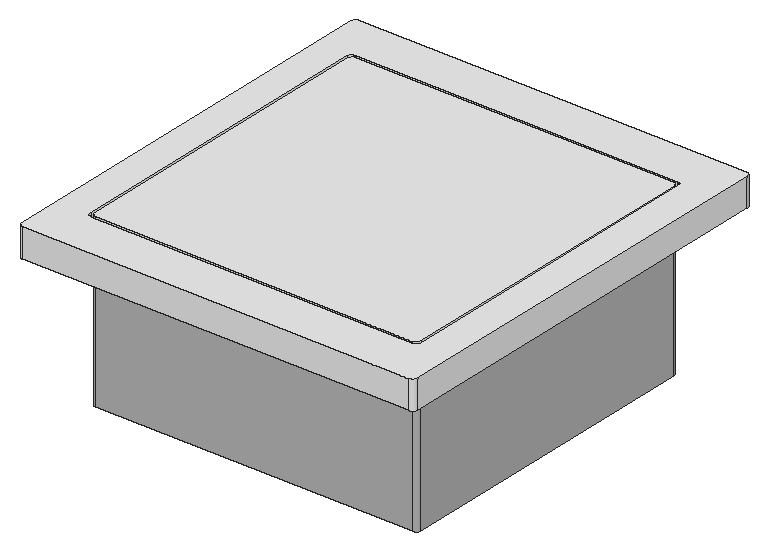
Revit family "Schneider_D-Life_1-elemento", category Electrical Fixtures, host Face, Revit 2015
Parameters (values of type "Estándar")
  Versión = "L2.00"  # constant formula
  Vacío.Espesor = 30 mm
  Tecla.Perpendicular [instance] = no
  Símbolo.dy [instance] = 40 mm
  Símbolo.dx [instance] = 0 mm
  Símbolo.Simetría [instance] = no
  Símbolo.Giro [instance] = 0.00°
  Revisado por = "000"  # constant formula
  Modificado por = "000"  # constant formula
  Modelado por = "034"  # constant formula
  Marco.Tipo = Schneider_D-Life_Marco_1-elemento : Ártico
  Elemento1.Tipo = Schneider_D-Life_Mecanismo-Tecla_Accesorios-Zumbador : Timbre-Ártico
  Desfase.Z.Positivo [instance] = if(Desfase > 0 mm, Desfase, 0 mm)  # 0 mm
  Desfase.Z.Negativo [instance] = if(Desfase < 0 mm, -1 * Desfase, 0 mm)  # 0 mm
  Desfase [instance] = 0 mm
  Default Elevation = 1000 mm
  Autor.URL = "www.a3d.es"
  Autor = "A3D Consulting"  # constant formula
Reference planes
  plane 1 "Centro (Frontal/Posterior)": y = 0
  plane 2: z = 0
  plane 3 "Centro (Izquierda/Derecha)": x = 0
  plane 4 "Geometría.Z.Positivo": z = 0
  plane 5 "Geometría.Z.Negativo": z = 0
Forms (mm)
  Sweep 1, void
    path origin (0, 0, 0) x (1, 0, 0) y (0, 0, 1)
      loop
        line (0, -30) -> (0, 0)
    profile origin (0, 0, -15) x (-1, 0, 0) y (0, -1, 0)
      loop
        line (-34.15, -35) -> (34.15, -35)
        arc (34.15, -35) -> (34.857, -34.707) -> (35.15, -34) r 1
        line (35.15, -34) -> (35.15, 34)
        arc (35.15, 34) -> (34.857, 34.707) -> (34.15, 35) r 1
        line (34.15, 35) -> (-34.15, 35)
        arc (-34.15, 35) -> (-34.857, 34.707) -> (-35.15, 34) r 1
        line (-35.15, 34) -> (-35.15, -34)
        arc (-35.15, -34) -> (-34.857, -34.707) -> (-34.15, -35) r 1
Text (mm)
  text "A3D CONSULTING INTEGRATED BIM SOLUTIONS, S.L.\n\nCONTRATO DE LICENCIA DE USUARIO FINAL\n\n\n\n\n\nAVISO A LOS USUARIOS: LEA ATENTAMENTE EL SIGUIENTE CONTRATO ANTES DE CONTINUAR. EL USO DEL CONTENIDO BIM EN FORMATO REVIT QUE SE ACOMPAÑA DEL PRESENTE ACUERDO (\"CONTENIDO BIM A3D CONSULTING\") CONSTITUYE SU ACEPTACIÓN DE ESTOS TÉRMINOS. SI USTED NO ESTÁ DE ACUERDO CON LAS CONDICIONES DE ESTE ACUERDO NO ABRA, ACCEDA DIRECTA O INDIRECTAMENTE, MODIFIQUE,  COPIE NI USE EL CONTENIDO BIM A3D CONSULTING, NI TOTAL NI PARCIALMENTE. EL USO DEL CONTENIDO BIM A3D CONSULTING POR PARTE DEL USUARIO ESTÁ CONDICIONADO AL CUMPLIMIENTO POR EL MISMO DE LOS TÉRMINOS DE ESTE ACUERDO.\n\n\n\n1.\tDEFINICIONES\n\nEste contrato de licencia de usuario final para el Contenido BIM A3D Consulting (“CLUF”) constituye un acuerdo legal entre usted como usuario final (ya sea persona física o entidad legalmente reconocida) (el \"Titular de la licencia\") y A3D CONSULTING INTEGRATED BIM SOLUTIONS, S.L. para el Contenido BIM A3D Consulting que acompaña a este CLUF. El Contenido BIM A3D CONSULTING consiste en uno o varios archivos en formato Autodesk Revit, pudiendo incluir elementos y medios asociados, así como la documentación \"en línea\" o electrónica (\"Contenido BIM A3D Consulting \").\n\n\n\n2.\tCONCESIÓN DE LA LICENCIA\n\nA3D CONSULTING INTEGRATED BIM SOLUTIONS, S.L. le concede una licencia para utilizar y modificar el contenido BIM incluido en una copia de Contenido BIM A3D Consulting.  El \"Titular de la licencia \" designa a la empresa, entidad o persona física, cuyos fondos son utilizados para pagar la cuota de licencia. \"Uso\" designa la copia, el almacenaje, la carga, la instalación o la muestra del Contenido BIM A3D Consulting. En virtud del presente, el Titular de la licencia no puede alquilar, arrendar, ceder, prestar, vender ni sublicenciar el Contenido BIM A3D Consulting a otra persona física, empresa o entidad.\n\n\n\n3.\tPROPIEDAD\n\nA3D CONSULTING INTEGRATED BIM SOLUTIONS, S.L. es el propietario y el titular del copyright del Contenido BIM A3D Consulting. La licencia adquirida no confiere al Titular de la licencia ningún título o propiedad sobre el contenido y no debe interpretarse como una venta de ningún derecho.\n\n\n\n4.\tCOPYRIGHT\n\nEl Contenido BIM A3D Consulting está protegido por las leyes españolas del copyright, las disposiciones de los tratados internacionales y otras leyes aplicables. En virtud del presente, el Titular de la licencia reconoce que no se le transfiere ningún título de la propiedad intelectual de A3D CONSULTING INTEGRATED BIM SOLUTIONS, S.L.. Además, el Titular de la licencia reconoce que el título y todos los derechos de autor sobre el Contenido BIM A3D Consulting seguirán siendo propiedad exclusiva de A3D CONSULTING INTEGRATED BIM SOLUTIONS, S.L. y no adquirirá ningún derecho sobre el Contenido BIM A3D Consulting, a excepción de lo expresamente establecido en esta licencia.\n\n\n\n5.\tRESPONSABILIDAD\n\nEn virtud del presente, el Titular de la licencia acepta que defenderá, indemnizará y eximirá a A3D CONSULTING INTEGRATED BIM SOLUTIONS, S.L. de cualesquiera reclamaciones o responsabilidades derivadas del uso, uso indebido, distribución o ejecución del Contenido BIM A3D Consulting de A3D CONSULTING INTEGRATED BIM SOLUTIONS, S.L., incluyendo las reclamaciones presentadas en contra del Titular de la licencia por el uso de dicho  contenido. Asimismo, el Titular de la licencia acepta eximir de toda responsabilidad y proteger a A3D CONSULTING INTEGRATED BIM SOLUTIONS, S.L. frente a cualquier tipo de demandas civiles, legales o penales. Las cantidades derivadas de dichos procesos, incluyendo resoluciones y costas judiciales, correrán a cargo del Titular de la licencia.\n\n\n\n6.\tGARANTÍA\n\nDurante un periodo de 30 días, a contar a partir de la fecha de entrega del producto, A3D CONSULTING INTEGRATED BIM SOLUTIONS, S.L. garantiza que dicho producto está libre de defectos en los materiales y la mano de obra. En caso de incumplimiento de esta garantía, el Titular de la licencia recibirá como  única compensación el reemplazo del producto. El Contenido BIM A3D Consulting y cualquier documentación relacionada se proporcionan \"tal cual\", sin garantía de ningún tipo, ya sea expresa o implícita, incluyendo, a título enunciativo pero no limitativo, las garantías implícitas o comerciabilidad, la idoneidad para un propósito particular o la inexistencia de infracción. Cualquier riesgo derivado del uso o los resultados del Contenido BIM A3D Consulting correrá a cargo del licenciatario.\n\n\n\n7.\tLEGISLACIÓN APLICABLE\n\nTodos los aspectos del presente Contrato se regirán e interpretarán de conformidad con la legislación vigente en España.\n\n\n\n8.\tENMIENDAS\n\nA3D CONSULTING INTEGRATED BIM SOLUTIONS, S.L. se reserva el derecho de modificar este acuerdo en cualquier momento.\n\n\n\n9.\tAPLICABILIDAD\n\nEn caso de que alguna de las disposiciones de este acuerdo fuera nula o inaplicable, las partes acuerdan que dicha invalidez no afectará a la validez de las disposiciones restantes de este acuerdo.\n\n\n\n- FIN DEL CONTRATO DE LICENCIA DE USUARIO FINAL -\n\nBarcelona / España, 15.02.2015\n\nA3D CONSULTING INTEGRATED BIM SOLUTIONS, S.L." at (-2386.934, 1015.184, 0), in view "CLUF"
Dimensions and locks
  "Desfase.Z.Negativo": level to plane 5 "Geometría.Z.Negativo"
  "Desfase.Z.Positivo": plane 4 "Geometría.Z.Positivo" to plane 5 "Geometría.Z.Negativo"
  "Vacío.Espesor": plane 5 "Geometría.Z.Negativo" to Sweep 1 sketch curve
  aligned and locked: plane 2 to host face
  aligned and locked: level to host face
  aligned and locked: plane 5 "Geometría.Z.Negativo" to Sweep 1 sketch curve
  aligned and locked: plane 3 "Centro (Izquierda/Derecha)" to Sweep 1 sketch curve
  aligned and locked: plane 1 "Centro (Frontal/Posterior)" to nested 1
  aligned and locked: plane 3 "Centro (Izquierda/Derecha)" to nested 1
Automatic sketch dimensions
  host sketch curve to host sketch curve = 2009.567 mm
  host sketch curve to host sketch curve = 2000 mm
Nested families
  nested 1: "Schneider_D-Life_Marco_1-elemento" at (0, 0, 0), type <- "Marco.Tipo", type "Ártico"
    with Schneider.D-Life.Cost 2.07
  nested 2: "Schneider_D-Life_Mecanismo-Tecla_Accesorios-Zumbador" at (0, 0, 0), type <- "Elemento1.Tipo", Símbolo.dx <- "Símbolo.dx", Símbolo.dy <- "Símbolo.dy", Símbolo2.dx <- "Símbolo.dx", Símbolo.Simetría <- "Símbolo.Simetría", Tecla.Perpendicular <- "Tecla.Perpendicular", type "Timbre-Ártico"
    with Tecla.Perpendicular no, Símbolo2.dx 0 mm, Símbolo.dy 40 mm, Símbolo.dx 0 mm, Símbolo.Simetría no
  nested 3: "Schneider_D-Life_Mecanismo_Accesorios_Timbre-electrónico" at (0, 0, 0), type "Timbre electrónico 5 melodías"
    with Símbolo2.dx 0 mm, Símbolo.dy.Control -40 mm, Símbolo.dy 40 mm, Símbolo.dx 0 mm, Símbolo.Simetría no, Símbolo.Control yes, Schneider.D-Life.Cost 60.08, Espesor 30 mm
  nested 4: "Schneider_D-Life_Tecla_Tapa_Tapa-ciega-zumbador" at (0, 0, 1), type "Ártico"
    with Schneider.D-Life.Cost 6.3
Definition of nested family "Schneider_D-Life_Marco_1-elemento"
  Parameters (values of type "Estándar")
    Tecla.Longitud.Control = Tecla.Longitud * 0.8 + Espesor * 0  # 56.24 mm
    Tecla.Anchura.Control = Tecla.Anchura * 0.8 + Espesor * 0  # 56 mm
    Soporte.Espesor = 1 mm
    Schneider.D-Life.Ud.Vta = ""
    Schneider.D-Life.Reference = ""
    Schneider.D-Life.Emb = ""
    Schneider.D-Life.Cost = 0
    Revisado por = "000"  # constant formula
    Modificado por = "000"  # constant formula
    Modelado por = "034"  # constant formula
    Marco.Longitud.Control = (Marco.Longitud - Tecla.Longitud) / 2  # 6.85 mm
    Marco.Longitud = 84 mm
    Marco.Anchura.Control = (Marco.Anchura - Tecla.Anchura) / 2  # 9.7 mm
    Marco.Anchura = 89.4 mm
    Juntas.Desfase = 0.5 mm
    Default Elevation = 1219.2 mm
    Cuerpo.Redondeo = 1 mm
    Tecla.Anchura = 70 mm
    Espesor = 5 mm
    Versión = "L2.00"  # constant formula
    Material = none
    Tecla.Longitud = 70.3 mm
    Autor.URL = "www.a3d.es"
    Autor = "A3D Consulting"  # constant formula
    Anclaje.Recrecido = 1.5 mm
  Reference planes
    plane 1 "Centro (Frontal/Posterior)": y = 0
    plane 2: z = 0
    plane 3 "Centro (Izquierda/Derecha)": x = 0
    plane 4 "Izquierda": x = -35.15
    plane 5 "Derecha": x = 35.15
    plane 6 "Posterior": y = 35
    plane 7 "Frontal": y = -35
    plane 8 "Tapa.Superior": z = 6
    plane 9 "Soporte.Cota": z = 1
  Forms (mm)
    Sweep 1, solid, material <- "Material"
      path origin (0, 0, 0) x (1, 0, 0) y (0, 0, 1)
        loop
          line (0, 6) -> (0, 0)
      profile origin (0, 0, 3) x (0, -1, 0) y (1, 0, 0)
        loop
          arc (-44.7, -41) -> (-44.407, -41.707) -> (-43.7, -42) r 1
          line (-43.7, -42) -> (43.7, -42)
          arc (43.7, -42) -> (44.407, -41.707) -> (44.7, -41) r 1
          line (44.7, -41) -> (44.7, 41)
          arc (44.7, 41) -> (44.407, 41.707) -> (43.7, 42) r 1
          line (43.7, 42) -> (-43.7, 42)
          arc (-43.7, 42) -> (-44.407, 41.707) -> (-44.7, 41) r 1
          line (-44.7, 41) -> (-44.7, -41)
        loop
          arc (-35, -34.15) -> (-34.707, -34.857) -> (-34, -35.15) r 1
          line (-34, -35.15) -> (34, -35.15)
          arc (34, -35.15) -> (34.707, -34.857) -> (35, -34.15) r 1
          line (35, -34.15) -> (35, 34.15)
          arc (35, 34.15) -> (34.707, 34.857) -> (34, 35.15) r 1
          line (34, 35.15) -> (-34, 35.15)
          arc (-34, 35.15) -> (-34.707, 34.857) -> (-35, 34.15) r 1
          line (-35, 34.15) -> (-35, -34.15)
    Sweep 2, solid, material <- "Material"
      path origin (0, 0, 0) x (1, 0, 0) y (0, 0, 1)
        loop
          line (0, 1) -> (0, 0)
      profile origin (0, 0, 0.5) x (0, -1, 0) y (1, 0, 0)
        loop
          arc (-35, -34.15) -> (-34.707, -34.857) -> (-34, -35.15) r 1
          line (-34, -35.15) -> (34, -35.15)
          arc (34, -35.15) -> (34.707, -34.857) -> (35, -34.15) r 1
          line (35, -34.15) -> (35, 34.15)
          arc (35, 34.15) -> (34.707, 34.857) -> (34, 35.15) r 1
          line (34, 35.15) -> (-34, 35.15)
          arc (-34, 35.15) -> (-34.707, 34.857) -> (-35, 34.15) r 1
          line (-35, 34.15) -> (-35, -34.15)
        loop
          line (-26.5, -15.972) -> (-26.5, -26.62) -> (-15.9, -26.62) -> (-15.9, -25.12) -> (-5.3, -25.12) -> (-5.3, -28.12) -> (5.3, -28.12) -> (5.3, -25.12) -> (15.9, -25.12) -> (15.9, -26.62) -> (26.5, -26.62) -> (26.5, -15.972) -> (25, -15.972) -> (25, -5.324) -> (28, -5.324) -> (28, 5.324) -> (25, 5.324) -> (25, 15.972) -> (26.5, 15.972) -> (26.5, 26.62) -> (15.9, 26.62) -> (15.9, 25.12) -> (5.3, 25.12) -> (5.3, 28.12) -> (-5.3, 28.12) -> (-5.3, 25.12) -> (-15.9, 25.12) -> (-15.9, 26.62) -> (-26.5, 26.62) -> (-26.5, 15.972) -> (-25, 15.972) -> (-25, 5.324) -> (-28, 5.324) -> (-28, -5.324) -> (-25, -5.324) -> (-25, -15.972) -> (-26.5, -15.972)
  Text (mm)
    text "A3D CONSULTING INTEGRATED BIM SOLUTIONS, S.L.\n\nCONTRATO DE LICENCIA DE USUARIO FINAL\n\n\n\n\n\nAVISO A LOS USUARIOS: LEA ATENTAMENTE EL SIGUIENTE CONTRATO ANTES DE CONTINUAR. EL USO DEL CONTENIDO BIM EN FORMATO REVIT QUE SE ACOMPAÑA DEL PRESENTE ACUERDO (\"CONTENIDO BIM A3D CONSULTING\") CONSTITUYE SU ACEPTACIÓN DE ESTOS TÉRMINOS. SI USTED NO ESTÁ DE ACUERDO CON LAS CONDICIONES DE ESTE ACUERDO NO ABRA, ACCEDA DIRECTA O INDIRECTAMENTE, MODIFIQUE,  COPIE NI USE EL CONTENIDO BIM A3D CONSULTING, NI TOTAL NI PARCIALMENTE. EL USO DEL CONTENIDO BIM A3D CONSULTING POR PARTE DEL USUARIO ESTÁ CONDICIONADO AL CUMPLIMIENTO POR EL MISMO DE LOS TÉRMINOS DE ESTE ACUERDO.\n\n\n\n1.\tDEFINICIONES\n\nEste contrato de licencia de usuario final para el Contenido BIM A3D Consulting (“CLUF”) constituye un acuerdo legal entre usted como usuario final (ya sea persona física o entidad legalmente reconocida) (el \"Titular de la licencia\") y A3D CONSULTING INTEGRATED BIM SOLUTIONS, S.L. para el Contenido BIM A3D Consulting que acompaña a este CLUF. El Contenido BIM A3D CONSULTING consiste en uno o varios archivos en formato Autodesk Revit, pudiendo incluir elementos y medios asociados, así como la documentación \"en línea\" o electrónica (\"Contenido BIM A3D Consulting \").\n\n\n\n2.\tCONCESIÓN DE LA LICENCIA\n\nA3D CONSULTING INTEGRATED BIM SOLUTIONS, S.L. le concede una licencia para utilizar y modificar el contenido BIM incluido en una copia de Contenido BIM A3D Consulting.  El \"Titular de la licencia \" designa a la empresa, entidad o persona física, cuyos fondos son utilizados para pagar la cuota de licencia. \"Uso\" designa la copia, el almacenaje, la carga, la instalación o la muestra del Contenido BIM A3D Consulting. En virtud del presente, el Titular de la licencia no puede alquilar, arrendar, ceder, prestar, vender ni sublicenciar el Contenido BIM A3D Consulting a otra persona física, empresa o entidad.\n\n\n\n3.\tPROPIEDAD\n\nA3D CONSULTING INTEGRATED BIM SOLUTIONS, S.L. es el propietario y el titular del copyright del Contenido BIM A3D Consulting. La licencia adquirida no confiere al Titular de la licencia ningún título o propiedad sobre el contenido y no debe interpretarse como una venta de ningún derecho.\n\n\n\n4.\tCOPYRIGHT\n\nEl Contenido BIM A3D Consulting está protegido por las leyes españolas del copyright, las disposiciones de los tratados internacionales y otras leyes aplicables. En virtud del presente, el Titular de la licencia reconoce que no se le transfiere ningún título de la propiedad intelectual de A3D CONSULTING INTEGRATED BIM SOLUTIONS, S.L.. Además, el Titular de la licencia reconoce que el título y todos los derechos de autor sobre el Contenido BIM A3D Consulting seguirán siendo propiedad exclusiva de A3D CONSULTING INTEGRATED BIM SOLUTIONS, S.L. y no adquirirá ningún derecho sobre el Contenido BIM A3D Consulting, a excepción de lo expresamente establecido en esta licencia.\n\n\n\n5.\tRESPONSABILIDAD\n\nEn virtud del presente, el Titular de la licencia acepta que defenderá, indemnizará y eximirá a A3D CONSULTING INTEGRATED BIM SOLUTIONS, S.L. de cualesquiera reclamaciones o responsabilidades derivadas del uso, uso indebido, distribución o ejecución del Contenido BIM A3D Consulting de A3D CONSULTING INTEGRATED BIM SOLUTIONS, S.L., incluyendo las reclamaciones presentadas en contra del Titular de la licencia por el uso de dicho  contenido. Asimismo, el Titular de la licencia acepta eximir de toda responsabilidad y proteger a A3D CONSULTING INTEGRATED BIM SOLUTIONS, S.L. frente a cualquier tipo de demandas civiles, legales o penales. Las cantidades derivadas de dichos procesos, incluyendo resoluciones y costas judiciales, correrán a cargo del Titular de la licencia.\n\n\n\n6.\tGARANTÍA\n\nDurante un periodo de 30 días, a contar a partir de la fecha de entrega del producto, A3D CONSULTING INTEGRATED BIM SOLUTIONS, S.L. garantiza que dicho producto está libre de defectos en los materiales y la mano de obra. En caso de incumplimiento de esta garantía, el Titular de la licencia recibirá como  única compensación el reemplazo del producto. El Contenido BIM A3D Consulting y cualquier documentación relacionada se proporcionan \"tal cual\", sin garantía de ningún tipo, ya sea expresa o implícita, incluyendo, a título enunciativo pero no limitativo, las garantías implícitas o comerciabilidad, la idoneidad para un propósito particular o la inexistencia de infracción. Cualquier riesgo derivado del uso o los resultados del Contenido BIM A3D Consulting correrá a cargo del licenciatario.\n\n\n\n7.\tLEGISLACIÓN APLICABLE\n\nTodos los aspectos del presente Contrato se regirán e interpretarán de conformidad con la legislación vigente en España.\n\n\n\n8.\tENMIENDAS\n\nA3D CONSULTING INTEGRATED BIM SOLUTIONS, S.L. se reserva el derecho de modificar este acuerdo en cualquier momento.\n\n\n\n9.\tAPLICABILIDAD\n\nEn caso de que alguna de las disposiciones de este acuerdo fuera nula o inaplicable, las partes acuerdan que dicha invalidez no afectará a la validez de las disposiciones restantes de este acuerdo.\n\n\n\n- FIN DEL CONTRATO DE LICENCIA DE USUARIO FINAL -\n\nBarcelona / España, 15.02.2015\n\nA3D CONSULTING INTEGRATED BIM SOLUTIONS, S.L." at (2.016, -2, 0), in view "CLUF"
  Dimensions and locks
    equal spacing: plane 4 "Izquierda", plane 3 "Centro (Izquierda/Derecha)", plane 5 "Derecha"
    "Tecla.Longitud": plane 4 "Izquierda" to plane 5 "Derecha"
    equal spacing: plane 7 "Frontal", plane 1 "Centro (Frontal/Posterior)", plane 6 "Posterior"
    "Tecla.Anchura": plane 7 "Frontal" to plane 6 "Posterior"
    "Marco.Anchura.Control": Sweep 1 sketch curve to plane 6 "Posterior"
    "Marco.Anchura.Control": Sweep 1 sketch curve to plane 7 "Frontal"
    "Marco.Longitud.Control": Sweep 1 sketch curve to plane 4 "Izquierda"
    "Marco.Longitud.Control": plane 5 "Derecha" to Sweep 1 sketch curve
    "Soporte.Espesor": plane 9 "Soporte.Cota" to plane 2
    "Espesor": plane 8 "Tapa.Superior" to plane 9 "Soporte.Cota"
    "Anclaje.Recrecido": Sweep 2 sketch curve to Sweep 2 sketch curve  (x8)
    equal spacing: Sweep 2 sketch curve, plane 1 "Centro (Frontal/Posterior)", Sweep 2 sketch curve
    equal spacing: Sweep 2 sketch curve, plane 3 "Centro (Izquierda/Derecha)", Sweep 2 sketch curve
    equal spacing: Sweep 2 sketch curve, Sweep 2 sketch curve, Sweep 2 sketch curve, Sweep 2 sketch curve, Sweep 2 sketch curve, Sweep 2 sketch curve  (x2)
    "Tecla.Anchura.Control": Sweep 2 sketch curve to Sweep 2 sketch curve
    "Tecla.Longitud.Control": Sweep 2 sketch curve to Sweep 2 sketch curve
    "Cuerpo.Redondeo": radius of Sweep 1 sketch curve  (x8)
    "Cuerpo.Redondeo": radius of Sweep 2 sketch curve  (x4)
    aligned and locked: level to plane 2
    aligned and locked: plane 8 "Tapa.Superior" to Sweep 1 sketch curve
    aligned and locked: plane 2 to Sweep 1 sketch curve
    aligned and locked: Sweep 1 sketch curve to plane 3 "Centro (Izquierda/Derecha)"
    aligned and locked: plane 4 "Izquierda" to Sweep 1 sketch curve
    aligned and locked: Sweep 1 sketch curve to plane 7 "Frontal"
    aligned and locked: plane 5 "Derecha" to Sweep 1 sketch curve
    aligned and locked: Sweep 1 sketch curve to plane 6 "Posterior"
    aligned and locked: plane 2 to Sweep 2 sketch curve
    aligned and locked: plane 9 "Soporte.Cota" to Sweep 2 sketch curve
    aligned and locked: Sweep 2 sketch curve to plane 3 "Centro (Izquierda/Derecha)"
    aligned and locked: Sweep 2 sketch curve to plane 7 "Frontal"
    aligned and locked: plane 4 "Izquierda" to Sweep 2 sketch curve
    aligned and locked: plane 5 "Derecha" to Sweep 2 sketch curve
    aligned and locked: Sweep 2 sketch curve to plane 6 "Posterior"
    aligned and locked: Sweep 2 sketch curve to Sweep 2 sketch curve  (x16)
Definition of nested family "Schneider_D-Life_Mecanismo_Accesorios_Timbre-electrónico"
  Parameters (values of type "Estándar")
    Tapa.Fondo.Espesor = 5 mm
    Símbolo2.dx [instance] = 0 mm
    Símbolo.dy.Control [instance] = -Símbolo.dy - Marco.Espesor * 0  # 0 mm
    Símbolo.dy [instance] = 0 mm
    Símbolo.dx [instance] = 0 mm
    Símbolo.Simetría [instance] = yes
    Símbolo.Control [instance] = not(Símbolo.Simetría)  # no
    Schneider.D-Life.Reference = ""
    Schneider.D-Life.Cost = 0
    Revisado por = "000"  # constant formula
    Marco.Espesor = 5 mm
    Agujero.Longitud = Longitud - Marco.Espesor * 2  # 60.3 mm
    Agujero.Anchura = Anchura - Marco.Espesor * 2  # 60 mm
    Modificado por = "000"  # constant formula
    Modelado por = "034"  # constant formula
    Juntas.Desfase = 0.5 mm
    Default Elevation = 1219.2 mm
    Cuerpo.Redondeo = 1 mm
    Anchura = 70 mm
    Espesor = 20 mm
    Versión = "L2.00"  # constant formula
    Material = none
    Longitud = 70.3 mm
    Autor.URL = "www.a3d.es"
    Autor = "A3D Consulting"  # constant formula
  Reference planes
    plane 1 "Centro (Frontal/Posterior)": y = 0
    plane 2: z = 0
    plane 3 "Centro (Izquierda/Derecha)": x = 0
    plane 4 "Izquierda": x = -35.15
    plane 5 "Derecha": x = 35.15
    plane 6 "Posterior": y = 35
    plane 7 "Frontal": y = -35
    plane 8 "Tecla.Izquierda": x = -34.65
    plane 9 "Tecla.Derecha": x = 34.65
    plane 10 "Tecla.Frontal": y = -34.5
    plane 11 "Tecla.Posterior": y = 34.5
    plane 12 "Mecanismo.Inferior": z = -20
    plane 13 "Tapa.Eje": z = -15
  Forms (mm)
    Sweep 1, void
      path origin (0, 34.5, 0) x (-1, 0, 0) y (0, 0, 1)
        loop
          line (34.65, 0) -> (34.65, -20)
      profile origin (-34.65, 34.5, -10) x (0, 1, 0) y (-1, 0, 0)
        loop
          line (0, 0) -> (-1, 0)
          arc (-1, 0) -> (-0.293, -0.293) -> (0, -1) r 1
          line (0, -1) -> (0, 0)
    Sweep 2, void
      path origin (38.686, 34.5, 0) x (-1, 0, 0) y (0, 0, 1)
        loop
          line (4.036, 0) -> (4.036, -20)
      profile origin (34.65, 34.5, -10) x (0, 1, 0) y (-1, 0, 0)
        loop
          line (0, 0) -> (0, 1)
          arc (0, 1) -> (-0.293, 0.293) -> (-1, 0) r 1
          line (-1, 0) -> (0, 0)
    Sweep 3, void
      path origin (0, -34.5, 0) x (-1, 0, 0) y (0, 0, 1)
        loop
          line (34.65, 0) -> (34.65, -20)
      profile origin (-34.65, -34.5, -10) x (0, 1, 0) y (-1, 0, 0)
        loop
          line (0, 0) -> (0, -1)
          arc (0, -1) -> (0.293, -0.293) -> (1, 0) r 1
          line (1, 0) -> (0, 0)
    Sweep 4, void
      path origin (0, -34.5, 0) x (-1, 0, 0) y (0, 0, 1)
        loop
          line (-34.65, 0) -> (-34.65, -20)
      profile origin (34.65, -34.5, -10) x (0, 1, 0) y (-1, 0, 0)
        loop
          line (0, 0) -> (1, 0)
          arc (1, 0) -> (0.293, 0.293) -> (0, 1) r 1
          line (0, 1) -> (0, 0)
    Sweep 5, solid, material <- "Material"
      path origin (0, 0, 0) x (1, 0, 0) y (0, 0, 1)
        loop
          line (0, -20) -> (0, -15)
      profile origin (0, 0, -17.5) x (-1, 0, 0) y (0, -1, 0)
        loop
          line (-34.65, -34.5) -> (34.65, -34.5) -> (34.65, 34.5) -> (-34.65, 34.5) -> (-34.65, -34.5)
    Sweep 6, solid, material <- "Material"
      path origin (0, 0, 0) x (1, 0, 0) y (0, 0, 1)
        loop
          line (0, 0) -> (0, -15)
      profile origin (0, 0, -7.5) x (0, -1, 0) y (1, 0, 0)
        loop
          line (-34.5, -34.65) -> (34.5, -34.65) -> (34.5, 34.65) -> (-34.5, 34.65) -> (-34.5, -34.65)
        loop
          arc (-30, -29.15) -> (-29.707, -29.857) -> (-29, -30.15) r 1
          line (-29, -30.15) -> (29, -30.15)
          arc (29, -30.15) -> (29.707, -29.857) -> (30, -29.15) r 1
          line (30, -29.15) -> (30, 29.15)
          arc (30, 29.15) -> (29.707, 29.857) -> (29, 30.15) r 1
          line (29, 30.15) -> (-29, 30.15)
          arc (-29, 30.15) -> (-29.707, 29.857) -> (-30, 29.15) r 1
          line (-30, 29.15) -> (-30, -29.15)
  Cuts and joins
    Sweep 1, Sweep 2, Sweep 3, Sweep 4 cuts Sweep 5
    Sweep 1, Sweep 2, Sweep 3, Sweep 4 cuts Sweep 6
    joined: Sweep 5, Sweep 6
  Text (mm)
    text "A3D CONSULTING INTEGRATED BIM SOLUTIONS, S.L.\n\nCONTRATO DE LICENCIA DE USUARIO FINAL\n\n\n\n\n\nAVISO A LOS USUARIOS: LEA ATENTAMENTE EL SIGUIENTE CONTRATO ANTES DE CONTINUAR. EL USO DEL CONTENIDO BIM EN FORMATO REVIT QUE SE ACOMPAÑA DEL PRESENTE ACUERDO (\"CONTENIDO BIM A3D CONSULTING\") CONSTITUYE SU ACEPTACIÓN DE ESTOS TÉRMINOS. SI USTED NO ESTÁ DE ACUERDO CON LAS CONDICIONES DE ESTE ACUERDO NO ABRA, ACCEDA DIRECTA O INDIRECTAMENTE, MODIFIQUE,  COPIE NI USE EL CONTENIDO BIM A3D CONSULTING, NI TOTAL NI PARCIALMENTE. EL USO DEL CONTENIDO BIM A3D CONSULTING POR PARTE DEL USUARIO ESTÁ CONDICIONADO AL CUMPLIMIENTO POR EL MISMO DE LOS TÉRMINOS DE ESTE ACUERDO.\n\n\n\n1.\tDEFINICIONES\n\nEste contrato de licencia de usuario final para el Contenido BIM A3D Consulting (“CLUF”) constituye un acuerdo legal entre usted como usuario final (ya sea persona física o entidad legalmente reconocida) (el \"Titular de la licencia\") y A3D CONSULTING INTEGRATED BIM SOLUTIONS, S.L. para el Contenido BIM A3D Consulting que acompaña a este CLUF. El Contenido BIM A3D CONSULTING consiste en uno o varios archivos en formato Autodesk Revit, pudiendo incluir elementos y medios asociados, así como la documentación \"en línea\" o electrónica (\"Contenido BIM A3D Consulting \").\n\n\n\n2.\tCONCESIÓN DE LA LICENCIA\n\nA3D CONSULTING INTEGRATED BIM SOLUTIONS, S.L. le concede una licencia para utilizar y modificar el contenido BIM incluido en una copia de Contenido BIM A3D Consulting.  El \"Titular de la licencia \" designa a la empresa, entidad o persona física, cuyos fondos son utilizados para pagar la cuota de licencia. \"Uso\" designa la copia, el almacenaje, la carga, la instalación o la muestra del Contenido BIM A3D Consulting. En virtud del presente, el Titular de la licencia no puede alquilar, arrendar, ceder, prestar, vender ni sublicenciar el Contenido BIM A3D Consulting a otra persona física, empresa o entidad.\n\n\n\n3.\tPROPIEDAD\n\nA3D CONSULTING INTEGRATED BIM SOLUTIONS, S.L. es el propietario y el titular del copyright del Contenido BIM A3D Consulting. La licencia adquirida no confiere al Titular de la licencia ningún título o propiedad sobre el contenido y no debe interpretarse como una venta de ningún derecho.\n\n\n\n4.\tCOPYRIGHT\n\nEl Contenido BIM A3D Consulting está protegido por las leyes españolas del copyright, las disposiciones de los tratados internacionales y otras leyes aplicables. En virtud del presente, el Titular de la licencia reconoce que no se le transfiere ningún título de la propiedad intelectual de A3D CONSULTING INTEGRATED BIM SOLUTIONS, S.L.. Además, el Titular de la licencia reconoce que el título y todos los derechos de autor sobre el Contenido BIM A3D Consulting seguirán siendo propiedad exclusiva de A3D CONSULTING INTEGRATED BIM SOLUTIONS, S.L. y no adquirirá ningún derecho sobre el Contenido BIM A3D Consulting, a excepción de lo expresamente establecido en esta licencia.\n\n\n\n5.\tRESPONSABILIDAD\n\nEn virtud del presente, el Titular de la licencia acepta que defenderá, indemnizará y eximirá a A3D CONSULTING INTEGRATED BIM SOLUTIONS, S.L. de cualesquiera reclamaciones o responsabilidades derivadas del uso, uso indebido, distribución o ejecución del Contenido BIM A3D Consulting de A3D CONSULTING INTEGRATED BIM SOLUTIONS, S.L., incluyendo las reclamaciones presentadas en contra del Titular de la licencia por el uso de dicho  contenido. Asimismo, el Titular de la licencia acepta eximir de toda responsabilidad y proteger a A3D CONSULTING INTEGRATED BIM SOLUTIONS, S.L. frente a cualquier tipo de demandas civiles, legales o penales. Las cantidades derivadas de dichos procesos, incluyendo resoluciones y costas judiciales, correrán a cargo del Titular de la licencia.\n\n\n\n6.\tGARANTÍA\n\nDurante un periodo de 30 días, a contar a partir de la fecha de entrega del producto, A3D CONSULTING INTEGRATED BIM SOLUTIONS, S.L. garantiza que dicho producto está libre de defectos en los materiales y la mano de obra. En caso de incumplimiento de esta garantía, el Titular de la licencia recibirá como  única compensación el reemplazo del producto. El Contenido BIM A3D Consulting y cualquier documentación relacionada se proporcionan \"tal cual\", sin garantía de ningún tipo, ya sea expresa o implícita, incluyendo, a título enunciativo pero no limitativo, las garantías implícitas o comerciabilidad, la idoneidad para un propósito particular o la inexistencia de infracción. Cualquier riesgo derivado del uso o los resultados del Contenido BIM A3D Consulting correrá a cargo del licenciatario.\n\n\n\n7.\tLEGISLACIÓN APLICABLE\n\nTodos los aspectos del presente Contrato se regirán e interpretarán de conformidad con la legislación vigente en España.\n\n\n\n8.\tENMIENDAS\n\nA3D CONSULTING INTEGRATED BIM SOLUTIONS, S.L. se reserva el derecho de modificar este acuerdo en cualquier momento.\n\n\n\n9.\tAPLICABILIDAD\n\nEn caso de que alguna de las disposiciones de este acuerdo fuera nula o inaplicable, las partes acuerdan que dicha invalidez no afectará a la validez de las disposiciones restantes de este acuerdo.\n\n\n\n- FIN DEL CONTRATO DE LICENCIA DE USUARIO FINAL -\n\nBarcelona / España, 15.02.2015\n\nA3D CONSULTING INTEGRATED BIM SOLUTIONS, S.L." at (2.016, -2, 0), in view "CLUF"
  Dimensions and locks
    equal spacing: plane 4 "Izquierda", plane 3 "Centro (Izquierda/Derecha)", plane 5 "Derecha"
    "Longitud": plane 4 "Izquierda" to plane 5 "Derecha"
    equal spacing: plane 7 "Frontal", plane 1 "Centro (Frontal/Posterior)", plane 6 "Posterior"
    "Anchura": plane 7 "Frontal" to plane 6 "Posterior"
    "Juntas.Desfase": plane 7 "Frontal" to plane 10 "Tecla.Frontal"
    "Juntas.Desfase": plane 6 "Posterior" to plane 11 "Tecla.Posterior"
    "Juntas.Desfase": plane 4 "Izquierda" to plane 8 "Tecla.Izquierda"
    "Juntas.Desfase": plane 9 "Tecla.Derecha" to plane 5 "Derecha"
    "Cuerpo.Redondeo": plane 8 "Tecla.Izquierda" to Sweep 1 sketch curve
    "Cuerpo.Redondeo": plane 11 "Tecla.Posterior" to Sweep 1 sketch curve
    "Cuerpo.Redondeo": Sweep 2 sketch curve to plane 9 "Tecla.Derecha"
    "Cuerpo.Redondeo": plane 11 "Tecla.Posterior" to Sweep 2 sketch curve
    "Cuerpo.Redondeo": plane 8 "Tecla.Izquierda" to Sweep 3 sketch curve
    "Cuerpo.Redondeo": Sweep 3 sketch curve to plane 10 "Tecla.Frontal"
    "Cuerpo.Redondeo": Sweep 4 sketch curve to plane 10 "Tecla.Frontal"
    "Cuerpo.Redondeo": Sweep 4 sketch curve to plane 9 "Tecla.Derecha"
    "Espesor": plane 2 to plane 12 "Mecanismo.Inferior"
    "Tapa.Fondo.Espesor": plane 13 "Tapa.Eje" to plane 12 "Mecanismo.Inferior"
    equal spacing: Sweep 6 sketch curve, plane 3 "Centro (Izquierda/Derecha)", Sweep 6 sketch curve
    "Agujero.Longitud": Sweep 6 sketch curve to Sweep 6 sketch curve
    equal spacing: Sweep 6 sketch curve, plane 1 "Centro (Frontal/Posterior)", Sweep 6 sketch curve
    "Agujero.Anchura": Sweep 6 sketch curve to Sweep 6 sketch curve
    "Cuerpo.Redondeo": radius of Sweep 1 sketch curve
    "Cuerpo.Redondeo": radius of Sweep 2 sketch curve
    "Cuerpo.Redondeo": radius of Sweep 3 sketch curve
    "Cuerpo.Redondeo": radius of Sweep 4 sketch curve
    "Cuerpo.Redondeo": radius of Sweep 6 sketch curve  (x4)
    aligned and locked: level to plane 2
    aligned and locked: Sweep 1 sketch curve to plane 8 "Tecla.Izquierda"
    aligned and locked: plane 8 "Tecla.Izquierda" to Sweep 1 sketch curve
    aligned and locked: Sweep 1 sketch curve to plane 11 "Tecla.Posterior"
    aligned and locked: Sweep 2 sketch curve to plane 9 "Tecla.Derecha"
    aligned and locked: plane 11 "Tecla.Posterior" to Sweep 2 sketch curve
    aligned and locked: plane 9 "Tecla.Derecha" to Sweep 2 sketch curve
    aligned and locked: Sweep 3 sketch curve to plane 8 "Tecla.Izquierda"  (x2)
    aligned and locked: Sweep 4 sketch curve to plane 9 "Tecla.Derecha"  (x2)
    aligned and locked: Sweep 3 sketch curve to plane 10 "Tecla.Frontal"
    aligned and locked: plane 10 "Tecla.Frontal" to Sweep 4 sketch curve
    aligned and locked: Sweep 5 sketch curve to plane 3 "Centro (Izquierda/Derecha)"
    aligned and locked: plane 13 "Tapa.Eje" to Sweep 6 sketch curve
    aligned and locked: Sweep 6 sketch curve to plane 3 "Centro (Izquierda/Derecha)"
    aligned and locked: plane 10 "Tecla.Frontal" to Sweep 6 sketch curve
    aligned and locked: Sweep 6 sketch curve to plane 9 "Tecla.Derecha"
    aligned and locked: Sweep 6 sketch curve to plane 11 "Tecla.Posterior"
    aligned and locked: plane 8 "Tecla.Izquierda" to Sweep 6 sketch curve
    aligned and locked: plane 12 "Mecanismo.Inferior" to Sweep 5 sketch curve
    aligned and locked: plane 13 "Tapa.Eje" to Sweep 5 sketch curve
    aligned and locked: plane 2 to Sweep 6 sketch curve
    aligned and locked: plane 12 "Mecanismo.Inferior" to Sweep 3 sketch curve
    aligned and locked: plane 2 to Sweep 3 sketch curve
    aligned and locked: plane 12 "Mecanismo.Inferior" to Sweep 1 sketch curve
    aligned and locked: plane 2 to Sweep 1 sketch curve
    aligned and locked: plane 12 "Mecanismo.Inferior" to Sweep 4 sketch curve
    aligned and locked: plane 2 to Sweep 4 sketch curve
    aligned and locked: plane 12 "Mecanismo.Inferior" to Sweep 2 sketch curve
    aligned and locked: plane 2 to Sweep 2 sketch curve
    aligned and locked: Sweep 5 sketch curve to plane 11 "Tecla.Posterior"
    aligned and locked: plane 8 "Tecla.Izquierda" to Sweep 5 sketch curve
    aligned and locked: Sweep 5 sketch curve to plane 9 "Tecla.Derecha"
    aligned and locked: plane 10 "Tecla.Frontal" to Sweep 5 sketch curve
  Nested families
    nested 1: "Schneider_Símbolo_Timbre" at (0, 0, 0) x (0, 1, 0) z (1, 0, 0), Desfase.X <- "Símbolo2.dx", Desfase.Y <- "Símbolo.dy", visible <- "Símbolo.Control", Visibilidad <- "Símbolo.Control", type "Estándar"
      with Visibilidad no, Desfase.Y.Positivo 0 mm, Desfase.Y.Negativo 0 mm, Desfase.Y 0 mm, Desfase.X.Positivo 0 mm, Desfase.X.Negativo 0 mm, Desfase.X 0 mm
    nested 2: "Schneider_Símbolo_Timbre" at (0, 0, 0) x (1, 0, 0) z (0, -1, 0), Desfase.X <- "Símbolo.dx", Desfase.Y <- "Símbolo.dy", visible <- "Símbolo.Control", Visibilidad <- "Símbolo.Control", type "Estándar"
      with Visibilidad no, Desfase.Y.Positivo 0 mm, Desfase.Y.Negativo 0 mm, Desfase.Y 0 mm, Desfase.X.Positivo 0 mm, Desfase.X.Negativo 0 mm, Desfase.X 0 mm
    nested 3: "Schneider_Símbolo_Timbre" at (0, 0, 100) x (0, 1, 0) z (1, 0, 0), Desfase.X <- "Símbolo2.dx", Desfase.Y <- "Símbolo.dy.Control", visible <- "Símbolo.Simetría", Visibilidad <- "Símbolo.Simetría", type "Estándar"
      with Visibilidad yes, Desfase.Y.Positivo 0 mm, Desfase.Y.Negativo 0 mm, Desfase.Y 0 mm, Desfase.X.Positivo 0 mm, Desfase.X.Negativo 0 mm, Desfase.X 0 mm
    nested 4: "Schneider_Símbolo_Timbre" at (0, 0, 100) x (1, 0, 0) z (0, -1, 0), Desfase.X <- "Símbolo.dx", Desfase.Y <- "Símbolo.dy.Control", Visibilidad <- "Símbolo.Simetría", visible <- "Símbolo.Simetría", type "Estándar"
      with Visibilidad yes, Desfase.Y.Positivo 0 mm, Desfase.Y.Negativo 0 mm, Desfase.Y 0 mm, Desfase.X.Positivo 0 mm, Desfase.X.Negativo 0 mm, Desfase.X 0 mm
  Definition of nested family "Schneider_Símbolo_Timbre"
    Parameters (values of type "Estándar")
      Versión = "L2.00"  # constant formula
      Desfase.Y [instance] = 0 mm
      Desfase.X [instance] = 0 mm
      Visibilidad [instance] = yes
      Revisado por = "000"  # constant formula
      Modificado por = "000"  # constant formula
      Modelado por = "000"  # constant formula
      Desfase.Y.Negativo [instance] = if(Desfase.Y < 0 mm, -1 * Desfase.Y, 0 mm)  # 0 mm
      Desfase.Y.Positivo [instance] = if(Desfase.Y > 0 mm, Desfase.Y, 0 mm)  # 0 mm
      Desfase.X.Negativo [instance] = if(Desfase.X < 0 mm, -1 * Desfase.X, 0 mm)  # 0 mm
      Desfase.X.Positivo [instance] = if(Desfase.X > 0 mm, Desfase.X, 0 mm)  # 0 mm
      Autor.URL = "www.a3d.es"
      Autor = "A3D Consulting"  # constant formula
    Reference planes
      plane 1 "Center (Front/Back)": y = 0
      plane 2: z = 0
      plane 3 "Center (Left/Right)": x = 0
      plane 4 "X.Positivo": x = 0
      plane 5 "X.Negativo": x = 0
      plane 6 "Y.Negativo": y = 0
      plane 7 "Y.Positivo": y = 0
    Lines and regions (mm)
      reference lines, in view "Ref. Level", not visible
        curve 1: line (0, 0, 0) -> (25, 0, 0)
      detail lines, in view "Ref. Level", not visible
        curve 2: circle (290.626, 267.526, 0) r 7.463 normal (0, 0, 1)
        curve 3: line (277.5, 299.89, 0) -> (322.5, 299.89, 0)
        curve 4: line (277.5, 254.89, 0) -> (277.5, 299.89, 0)
        curve 5: line (322.5, 254.89, 0) -> (277.5, 254.89, 0)
        curve 6: line (322.5, 299.89, 0) -> (322.5, 254.89, 0)
        curve 7: line (294.69, 273.786, 0) -> (309.688, 296.88, 0)
        curve 8: line (309.688, 296.88, 0) -> (317.009, 292.126, 0)
      detail lines, in view "Ref. Level", visible <- "Visibilidad"
        curve 9: line (-50, 100, 0) -> (50, 100, 0)
        curve 10: line (-50, 0, 0) -> (-50, 100, 0)
        curve 11: line (50, 0, 0) -> (-50, 0, 0)
        curve 12: line (50, 100, 0) -> (50, 0, 0)
        curve 13: line (-18.352, 30.209, 0) -> (-18.352, 54.195, 0)
        curve 14: line (18.352, 30.209, 0) -> (18.352, 54.195, 0)
        curve 15: line (28.352, 54.195, 0) -> (-28.352, 54.195, 0)
        curve 16: arc (28.352, 54.195, 0) -> (0, 76.266, 0) -> (-28.352, 54.195, 0) r 29.245
    Text (mm)
      text "A3D CONSULTING INTEGRATED BIM SOLUTIONS, S.L.\n\nCONTRATO DE LICENCIA DE USUARIO FINAL\n\n\n\n\n\nAVISO A LOS USUARIOS: LEA ATENTAMENTE EL SIGUIENTE CONTRATO ANTES DE CONTINUAR. EL USO DEL CONTENIDO BIM EN FORMATO REVIT QUE SE ACOMPAÑA DEL PRESENTE ACUERDO (\"CONTENIDO BIM A3D CONSULTING\") CONSTITUYE SU ACEPTACIÓN DE ESTOS TÉRMINOS. SI USTED NO ESTÁ DE ACUERDO CON LAS CONDICIONES DE ESTE ACUERDO NO ABRA, ACCEDA DIRECTA O INDIRECTAMENTE, MODIFIQUE,  COPIE NI USE EL CONTENIDO BIM A3D CONSULTING, NI TOTAL NI PARCIALMENTE. EL USO DEL CONTENIDO BIM A3D CONSULTING POR PARTE DEL USUARIO ESTÁ CONDICIONADO AL CUMPLIMIENTO POR EL MISMO DE LOS TÉRMINOS DE ESTE ACUERDO.\n\n\n\n1.\tDEFINICIONES\n\nEste contrato de licencia de usuario final para el Contenido BIM A3D Consulting (“CLUF”) constituye un acuerdo legal entre usted como usuario final (ya sea persona física o entidad legalmente reconocida) (el \"Titular de la licencia\") y A3D CONSULTING INTEGRATED BIM SOLUTIONS, S.L. para el Contenido BIM A3D Consulting que acompaña a este CLUF. El Contenido BIM A3D CONSULTING consiste en uno o varios archivos en formato Autodesk Revit, pudiendo incluir elementos y medios asociados, así como la documentación \"en línea\" o electrónica (\"Contenido BIM A3D Consulting \").\n\n\n\n2.\tCONCESIÓN DE LA LICENCIA\n\nA3D CONSULTING INTEGRATED BIM SOLUTIONS, S.L. le concede una licencia para utilizar y modificar el contenido BIM incluido en una copia de Contenido BIM A3D Consulting.  El \"Titular de la licencia \" designa a la empresa, entidad o persona física, cuyos fondos son utilizados para pagar la cuota de licencia. \"Uso\" designa la copia, el almacenaje, la carga, la instalación o la muestra del Contenido BIM A3D Consulting. En virtud del presente, el Titular de la licencia no puede alquilar, arrendar, ceder, prestar, vender ni sublicenciar el Contenido BIM A3D Consulting a otra persona física, empresa o entidad.\n\n\n\n3.\tPROPIEDAD\n\nA3D CONSULTING INTEGRATED BIM SOLUTIONS, S.L. es el propietario y el titular del copyright del Contenido BIM A3D Consulting. La licencia adquirida no confiere al Titular de la licencia ningún título o propiedad sobre el contenido y no debe interpretarse como una venta de ningún derecho.\n\n\n\n4.\tCOPYRIGHT\n\nEl Contenido BIM A3D Consulting está protegido por las leyes españolas del copyright, las disposiciones de los tratados internacionales y otras leyes aplicables. En virtud del presente, el Titular de la licencia reconoce que no se le transfiere ningún título de la propiedad intelectual de A3D CONSULTING INTEGRATED BIM SOLUTIONS, S.L.. Además, el Titular de la licencia reconoce que el título y todos los derechos de autor sobre el Contenido BIM A3D Consulting seguirán siendo propiedad exclusiva de A3D CONSULTING INTEGRATED BIM SOLUTIONS, S.L. y no adquirirá ningún derecho sobre el Contenido BIM A3D Consulting, a excepción de lo expresamente establecido en esta licencia.\n\n\n\n5.\tRESPONSABILIDAD\n\nEn virtud del presente, el Titular de la licencia acepta que defenderá, indemnizará y eximirá a A3D CONSULTING INTEGRATED BIM SOLUTIONS, S.L. de cualesquiera reclamaciones o responsabilidades derivadas del uso, uso indebido, distribución o ejecución del Contenido BIM A3D Consulting de A3D CONSULTING INTEGRATED BIM SOLUTIONS, S.L., incluyendo las reclamaciones presentadas en contra del Titular de la licencia por el uso de dicho  contenido. Asimismo, el Titular de la licencia acepta eximir de toda responsabilidad y proteger a A3D CONSULTING INTEGRATED BIM SOLUTIONS, S.L. frente a cualquier tipo de demandas civiles, legales o penales. Las cantidades derivadas de dichos procesos, incluyendo resoluciones y costas judiciales, correrán a cargo del Titular de la licencia.\n\n\n\n6.\tGARANTÍA\n\nDurante un periodo de 30 días, a contar a partir de la fecha de entrega del producto, A3D CONSULTING INTEGRATED BIM SOLUTIONS, S.L. garantiza que dicho producto está libre de defectos en los materiales y la mano de obra. En caso de incumplimiento de esta garantía, el Titular de la licencia recibirá como  única compensación el reemplazo del producto. El Contenido BIM A3D Consulting y cualquier documentación relacionada se proporcionan \"tal cual\", sin garantía de ningún tipo, ya sea expresa o implícita, incluyendo, a título enunciativo pero no limitativo, las garantías implícitas o comerciabilidad, la idoneidad para un propósito particular o la inexistencia de infracción. Cualquier riesgo derivado del uso o los resultados del Contenido BIM A3D Consulting correrá a cargo del licenciatario.\n\n\n\n7.\tLEGISLACIÓN APLICABLE\n\nTodos los aspectos del presente Contrato se regirán e interpretarán de conformidad con la legislación vigente en España.\n\n\n\n8.\tENMIENDAS\n\nA3D CONSULTING INTEGRATED BIM SOLUTIONS, S.L. se reserva el derecho de modificar este acuerdo en cualquier momento.\n\n\n\n9.\tAPLICABILIDAD\n\nEn caso de que alguna de las disposiciones de este acuerdo fuera nula o inaplicable, las partes acuerdan que dicha invalidez no afectará a la validez de las disposiciones restantes de este acuerdo.\n\n\n\n- FIN DEL CONTRATO DE LICENCIA DE USUARIO FINAL -\n\nBarcelona / España, 15.02.2015\n\nA3D CONSULTING INTEGRATED BIM SOLUTIONS, S.L." at (-1988.729, -511.825, 0), in view "Ref. Level"
      text "Esta Família es un detalle genérico y la categoría de las lineas es \"elemento de Detalle\".\n\nSi se quiere generar un detalle específico para una familia, hay que crear la subcategoria pertinente (Por ej. IE.ALUM, si fuera para un detalle de Alumbrado)" at (-498.677, 771.012, 0), in view "Ref. Level"
    Dimensions and locks
      "Desfase.X.Negativo": plane 5 "X.Negativo" to plane 3 "Center (Left/Right)"
      "Desfase.X.Positivo": plane 5 "X.Negativo" to plane 4 "X.Positivo"
      "Desfase.Y.Negativo": plane 6 "Y.Negativo" to plane 1 "Center (Front/Back)"
      "Desfase.Y.Positivo": plane 6 "Y.Negativo" to plane 7 "Y.Positivo"
      aligned and locked: plane 4 "X.Positivo" to curve 1
      aligned and locked: plane 7 "Y.Positivo" to curve 1
    Automatic sketch dimensions
      curve 1 to curve 1 = 25 mm
      curve 11 to curve 1 = 0 mm
      curve 11 to curve 1 = 50 mm
      curve 1 to curve 9 = 25 mm
      curve 1 to curve 10 = 100 mm
      curve 16 to curve 1 = 0 mm
      curve 1 to curve 16 = 47.021 mm
      curve 16 to curve 13 = 10 mm
      curve 14 to curve 1 = 6.648 mm
      curve 1 to curve 15 = 3.352 mm
      curve 1 to curve 13 = 30.209 mm
      curve 1 to curve 14 = 30.209 mm
      curve 13 to curve 16 = 23.986 mm
Definition of nested family "Schneider_D-Life_Tecla_Tapa_Tapa-ciega-zumbador"
  Parameters (values of type "Estándar")
    Ángulo.Control [instance] = if(Tecla.Perpendicular, 90.00°, 0.00°)  # 0.00°
    Version = "L2.00"  # constant formula
    Tecla.Perpendicular [instance] = no
    Schneider.D-Life.Reference = ""
    Schneider.D-Life.Cost = 0
    Revisado por = "000"  # constant formula
    Modificado por = "000"  # constant formula
    Modelado por = "034"  # constant formula
    Material = none
    Longitud = 70.3 mm
    Juntas.Desfase = 0.5 mm
    Espesor = 5 mm
    Default Elevation = 1219.2 mm
    Cuerpo.Redondeo = 1 mm
    Autor.URL = "www.a3d.es"
    Autor = "A3D Consulting"  # constant formula
    Anchura = 70 mm
  Reference planes
    plane 1 "Centro (Frontal/Posterior)": y = 0
    plane 2: z = 0
    plane 3 "Centro (Izquierda/Derecha)": x = 0
    plane 4 "Superior": z = 200
    plane 5 "Inferior": z = -200
  Lines and regions (mm)
    reference lines
      curve 1: line (0, 0, 0) -> (700, 0, 0)
      curve 2: line (0, 0, 0) -> (0, 240, 0)
  Text (mm)
    text "A3D CONSULTING INTEGRATED BIM SOLUTIONS, S.L.\n\nCONTRATO DE LICENCIA DE USUARIO FINAL\n\n\n\n\n\nAVISO A LOS USUARIOS: LEA ATENTAMENTE EL SIGUIENTE CONTRATO ANTES DE CONTINUAR. EL USO DEL CONTENIDO BIM EN FORMATO REVIT QUE SE ACOMPAÑA DEL PRESENTE ACUERDO (\"CONTENIDO BIM A3D CONSULTING\") CONSTITUYE SU ACEPTACIÓN DE ESTOS TÉRMINOS. SI USTED NO ESTÁ DE ACUERDO CON LAS CONDICIONES DE ESTE ACUERDO NO ABRA, ACCEDA DIRECTA O INDIRECTAMENTE, MODIFIQUE,  COPIE NI USE EL CONTENIDO BIM A3D CONSULTING, NI TOTAL NI PARCIALMENTE. EL USO DEL CONTENIDO BIM A3D CONSULTING POR PARTE DEL USUARIO ESTÁ CONDICIONADO AL CUMPLIMIENTO POR EL MISMO DE LOS TÉRMINOS DE ESTE ACUERDO.\n\n\n\n1.\tDEFINICIONES\n\nEste contrato de licencia de usuario final para el Contenido BIM A3D Consulting (“CLUF”) constituye un acuerdo legal entre usted como usuario final (ya sea persona física o entidad legalmente reconocida) (el \"Titular de la licencia\") y A3D CONSULTING INTEGRATED BIM SOLUTIONS, S.L. para el Contenido BIM A3D Consulting que acompaña a este CLUF. El Contenido BIM A3D CONSULTING consiste en uno o varios archivos en formato Autodesk Revit, pudiendo incluir elementos y medios asociados, así como la documentación \"en línea\" o electrónica (\"Contenido BIM A3D Consulting \").\n\n\n\n2.\tCONCESIÓN DE LA LICENCIA\n\nA3D CONSULTING INTEGRATED BIM SOLUTIONS, S.L. le concede una licencia para utilizar y modificar el contenido BIM incluido en una copia de Contenido BIM A3D Consulting.  El \"Titular de la licencia \" designa a la empresa, entidad o persona física, cuyos fondos son utilizados para pagar la cuota de licencia. \"Uso\" designa la copia, el almacenaje, la carga, la instalación o la muestra del Contenido BIM A3D Consulting. En virtud del presente, el Titular de la licencia no puede alquilar, arrendar, ceder, prestar, vender ni sublicenciar el Contenido BIM A3D Consulting a otra persona física, empresa o entidad.\n\n\n\n3.\tPROPIEDAD\n\nA3D CONSULTING INTEGRATED BIM SOLUTIONS, S.L. es el propietario y el titular del copyright del Contenido BIM A3D Consulting. La licencia adquirida no confiere al Titular de la licencia ningún título o propiedad sobre el contenido y no debe interpretarse como una venta de ningún derecho.\n\n\n\n4.\tCOPYRIGHT\n\nEl Contenido BIM A3D Consulting está protegido por las leyes españolas del copyright, las disposiciones de los tratados internacionales y otras leyes aplicables. En virtud del presente, el Titular de la licencia reconoce que no se le transfiere ningún título de la propiedad intelectual de A3D CONSULTING INTEGRATED BIM SOLUTIONS, S.L.. Además, el Titular de la licencia reconoce que el título y todos los derechos de autor sobre el Contenido BIM A3D Consulting seguirán siendo propiedad exclusiva de A3D CONSULTING INTEGRATED BIM SOLUTIONS, S.L. y no adquirirá ningún derecho sobre el Contenido BIM A3D Consulting, a excepción de lo expresamente establecido en esta licencia.\n\n\n\n5.\tRESPONSABILIDAD\n\nEn virtud del presente, el Titular de la licencia acepta que defenderá, indemnizará y eximirá a A3D CONSULTING INTEGRATED BIM SOLUTIONS, S.L. de cualesquiera reclamaciones o responsabilidades derivadas del uso, uso indebido, distribución o ejecución del Contenido BIM A3D Consulting de A3D CONSULTING INTEGRATED BIM SOLUTIONS, S.L., incluyendo las reclamaciones presentadas en contra del Titular de la licencia por el uso de dicho  contenido. Asimismo, el Titular de la licencia acepta eximir de toda responsabilidad y proteger a A3D CONSULTING INTEGRATED BIM SOLUTIONS, S.L. frente a cualquier tipo de demandas civiles, legales o penales. Las cantidades derivadas de dichos procesos, incluyendo resoluciones y costas judiciales, correrán a cargo del Titular de la licencia.\n\n\n\n6.\tGARANTÍA\n\nDurante un periodo de 30 días, a contar a partir de la fecha de entrega del producto, A3D CONSULTING INTEGRATED BIM SOLUTIONS, S.L. garantiza que dicho producto está libre de defectos en los materiales y la mano de obra. En caso de incumplimiento de esta garantía, el Titular de la licencia recibirá como  única compensación el reemplazo del producto. El Contenido BIM A3D Consulting y cualquier documentación relacionada se proporcionan \"tal cual\", sin garantía de ningún tipo, ya sea expresa o implícita, incluyendo, a título enunciativo pero no limitativo, las garantías implícitas o comerciabilidad, la idoneidad para un propósito particular o la inexistencia de infracción. Cualquier riesgo derivado del uso o los resultados del Contenido BIM A3D Consulting correrá a cargo del licenciatario.\n\n\n\n7.\tLEGISLACIÓN APLICABLE\n\nTodos los aspectos del presente Contrato se regirán e interpretarán de conformidad con la legislación vigente en España.\n\n\n\n8.\tENMIENDAS\n\nA3D CONSULTING INTEGRATED BIM SOLUTIONS, S.L. se reserva el derecho de modificar este acuerdo en cualquier momento.\n\n\n\n9.\tAPLICABILIDAD\n\nEn caso de que alguna de las disposiciones de este acuerdo fuera nula o inaplicable, las partes acuerdan que dicha invalidez no afectará a la validez de las disposiciones restantes de este acuerdo.\n\n\n\n- FIN DEL CONTRATO DE LICENCIA DE USUARIO FINAL -\n\nBarcelona / España, 15.02.2015\n\nA3D CONSULTING INTEGRATED BIM SOLUTIONS, S.L." at (2.016, -2, 0), in view "CLUF"
  Dimensions and locks
    plane 4 "Superior" to level = 200 mm
    locked: curve 1 to curve 2 (angle 90.00°)
    "Ángulo.Control": angle curve 2 to plane 3 "Centro (Izquierda/Derecha)"
    aligned and locked: level to plane 2
    aligned and locked: plane 1 "Centro (Frontal/Posterior)" to curve 2
    aligned and locked: plane 3 "Centro (Izquierda/Derecha)" to curve 2
    aligned and locked: nested 1 to curve 1
    aligned and locked: nested 1 to curve 2
  Nested families
    nested 1: "Schneider_D-Life_Cuerpo-tecla_Tecla-simple_M02" at (0, 0, 0), Material <- "Material", Anchura <- "Anchura", Espesor <- "Espesor", Longitud <- "Longitud", Cuerpo.Redondeo <- "Cuerpo.Redondeo", Juntas.Desfase <- "Juntas.Desfase", type "Estándar"
      with Material none, Longitud 70.3 mm, Juntas.Desfase 0.5 mm, Espesor 5 mm, Cuerpo.Redondeo 1 mm, Anchura 70 mm
  Definition of nested family "Schneider_D-Life_Cuerpo-tecla_Tecla-simple_M02"
    Parameters (values of type "Estándar")
      Revisado por = "000"  # constant formula
      Modificado por = "000"  # constant formula
      Modelado por = "034"  # constant formula
      Juntas.Desfase [instance] = 0.5 mm
      Default Elevation = 1219.2 mm
      Cuerpo.Redondeo [instance] = 1 mm
      Anchura [instance] = 70 mm
      Espesor [instance] = 5 mm
      Versión = "L2.00"  # constant formula
      Material [instance] = none
      Longitud [instance] = 70.3 mm
      Autor.URL = "www.a3d.es"
      Autor = "A3D Consulting"  # constant formula
    Reference planes
      plane 1 "Centro (Frontal/Posterior)": y = 0
      plane 2: z = 0
      plane 3 "Centro (Izquierda/Derecha)": x = 0
      plane 4 "Izquierda": x = -35.15
      plane 5 "Derecha": x = 35.15
      plane 6 "Posterior": y = 35
      plane 7 "Frontal": y = -35
      plane 8 "Tecla.Izquierda": x = -34.65
      plane 9 "Tecla.Derecha": x = 34.65
      plane 10 "Tecla.Frontal": y = -34.5
      plane 11 "Tecla.Posterior": y = 34.5
      plane 12 "Tapa.Superior": z = 5
    Forms (mm)
      Sweep 1, solid, material <- "Material"
        path origin (0, 0, 0) x (1, 0, 0) y (0, 1, 0)
          loop
            line (-34.65, 0) -> (34.65, 0)
        profile origin (0, 0, 0) x (0, 1, 0) y (0, 0, 1)
          loop
            line (-34.5, 0) -> (34.5, 0) -> (34.5, 5) -> (-34.5, 5) -> (-34.5, 0)
      Sweep 2, void
        path origin (0, 34.5, 0) x (-1, 0, 0) y (0, 0, 1)
          loop
            line (34.65, 5) -> (34.65, 0)
        profile origin (-34.65, 34.5, 2.5) x (0, 1, 0) y (-1, 0, 0)
          loop
            line (0, 0) -> (-1, 0)
            arc (-1, 0) -> (-0.293, -0.293) -> (0, -1) r 1
            line (0, -1) -> (0, 0)
      Sweep 3, void
        path origin (38.686, 34.5, 0) x (-1, 0, 0) y (0, 0, 1)
          loop
            line (4.036, 5) -> (4.036, 0)
        profile origin (34.65, 34.5, 2.5) x (0, 1, 0) y (-1, 0, 0)
          loop
            line (0, 0) -> (0, 1)
            arc (0, 1) -> (-0.293, 0.293) -> (-1, 0) r 1
            line (-1, 0) -> (0, 0)
      Sweep 4, void
        path origin (0, -34.5, 0) x (-1, 0, 0) y (0, 0, 1)
          loop
            line (34.65, 5) -> (34.65, 0)
        profile origin (-34.65, -34.5, 2.5) x (0, 1, 0) y (-1, 0, 0)
          loop
            line (0, 0) -> (0, -1)
            arc (0, -1) -> (0.293, -0.293) -> (1, 0) r 1
            line (1, 0) -> (0, 0)
      Sweep 5, void
        path origin (0, -34.5, 0) x (-1, 0, 0) y (0, 0, 1)
          loop
            line (-34.65, 5) -> (-34.65, 0)
        profile origin (34.65, -34.5, 2.5) x (0, 1, 0) y (-1, 0, 0)
          loop
            line (0, 0) -> (1, 0)
            arc (1, 0) -> (0.293, 0.293) -> (0, 1) r 1
            line (0, 1) -> (0, 0)
    Cuts and joins
      Sweep 2, Sweep 3, Sweep 4, Sweep 5 cuts Sweep 1
